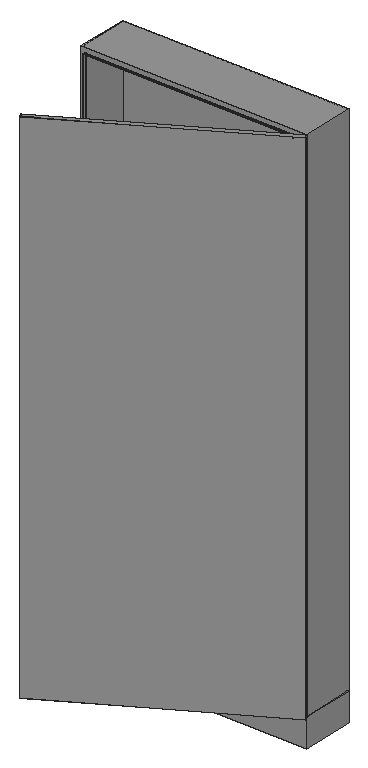
Revit family "Hager-Univers-IP44-D205-H1950-Cl.I-Encl-NoHosted-CH-en", category Equipement électrique, Revit 2020
Family settings
  Configuration du panneau = Deux colonnes, circuits au sein
  Cote de connecteur circulaire = Utiliser le diamètre
  Type d'élément = Tableau de raccordement
  Basée sur le plan de construction = Oui
  Toujours verticalement = Oui
  Couper avec des vides une fois chargée = Non
  Partagée = Non
  Point de calcul de pièce = Non
Parameters (values of type "Floor installation IP44 W800 H1950 D205  - FP23TN2")
  Width Control [instance] = if([EF000008 - Width] > Min Width, [EF000008 - Width], Min Width)  # 800 mm
  Commentaires du type = [HG000003 - Range]  # "Univers"
  Thickness Door [instance] = if([EF009171 - Material plate thickness door/cover] > 3 mm, 3 mm, [EF009171 - Material plate thickness door/cover])  # 1 mm
  Seal Frame Offset [instance] = 17 mm  # constant formula
  Plinth Visibility [instance] = [HG000027 - Plinth height] > 0 mm  # yes
  Min Width [instance] = 100 mm  # constant formula
  Min Depth [instance] = (2 * [EF009170 - Material plate thickness cabinet]) + 1 mm  # 3 mm
  Min Height [instance] = 100 mm  # constant formula
  Internal Frame Depth [instance] = (Door System Depth * 0.5)  # 9 mm
  Panel Name [instance] = ""  # (empty or 0)
  Model = ""
  HG000027 - Plinth height = 100 mm
  HG000026 - Floor standing = yes
  HG000024 - Bottom section height = 600 mm
  HG000023 - Double section enclosure = no
  HG000016 - Door 3d visibility [instance] = yes
  HG000015 - Clearance visibility [instance] = no
  HG000014 - Door on the right [instance] = yes
  HG000013 - Door on the left [instance] = not([HG000014 - Door on the right])  # no
  HG000012 - Door swing angle [instance] = 30.00°
  HG000010 - Asymmetric doors = no
  HG000009 - Double swing door = no
  HG000006 - Flush mounted = no
  HG000004 - Manufacturer reference = "FP23TN2"
  HG000003 - Range = "Univers"
  HG000002 - With door or cover = yes
  Frame Offset Bottom [instance] = 10 mm  # constant formula
  Frame Offset [instance] = 15 mm  # constant formula
  EF015940 - Cover with overpressure release = no
  EF011959 - Degree of protection (NEMA) = ""
  EF009554 - Number of openings for flange plates = 6
  EF009212 - Cover model = "EV000116 - Closed"
  EF009171 - Material plate thickness door/cover = 1 mm
  EF009170 - Material plate thickness cabinet = 1 mm
  EF008873 - Nominal current (In) = 400 A
  EF007800 - Suitable for lightning protection = no
  EF006306 - With lock = no
  EF006244 - Transparent cover/door = no
  EF005474 - Degree of protection (IP) = "EV006418 - IP44"
  EF004464 - Type of door = "EV002646 - Single"
  EF004427 - Number of modules = 432
  EF004293 - Impact strength = "EV006815 - IK09"
  EF003532 - Suitable for outdoor use = no
  EF002950 - Width in number of modular spacings = 36
  EF001613 - Circuit integrity = "EV000494 - None"
  EF001596 - Material housing = "EV000179 - Steel"
  EF001131 - Internal depth = 205 mm
  EF001088 - Extension possible = yes
  EF000437 - Number of conduit inlets = 6
  EF000339 - Type of cover = "EV001012 - Cover"
  EF000266 - Number of rows = 12
  EF000218 - Built-in depth = 0 mm
  EF000118 - With mounting plate = no
  EF000116 - RAL-number = "9010"
  EF000049 - Depth = 205 mm
  EF000040 - Height = 1950 mm
  EF000008 - Width = 800 mm
  EF000007 - Colour = "EV000202 - White"
  EF000003 - Mounting method = "EV012274 - Floor installation"
  Door System Leaf Tolerance [instance] = 1.5 mm  # constant formula
  Door System Depth [instance] = 18 mm  # constant formula
  Door Height [instance] = Height Control - [HG000027 - Plinth height]  # 1850 mm
  Description = ""
  Default Elevation = 1219.2 mm
  Connector Offset [instance] = Height Control / 2  # 975 mm
  Fabricant = "Hager"  # constant formula
  Height Control [instance] = if([EF000040 - Height] > Min Height, [EF000040 - Height], Min Height)  # 1950 mm
  Depth Control [instance] = if([EF000049 - Depth] > Min Depth, [EF000049 - Depth], Min Depth)  # 205 mm
  Bottom Top Plate Trim [instance] = 1.5 mm  # constant formula
  Plinth height Ctrl [instance] = if([HG000027 - Plinth height] > 0 mm, [HG000027 - Plinth height], 12 mm)  # 100 mm
Types (5, lengths in mm): name | Width Control | HG000010 - Asymmetric doors | HG000009 - Double swing door | HG000004 - Manufacturer reference | EF009554 - Number of openings for flange plates | EF008873 - Nominal current (In) | EF004464 - Type of door | EF004427 - Number of modules | EF002950 - Width in number of modular spacings | EF000437 - Number of conduit inlets | EF000008 - Width
  Floor installation IP44 W1050 H1950 D205  - FP24TN2 | 1050 | no | yes | "FP24TN2" | 8 | 400 A | "EV003602 - Double" | 576 | 48 | 8 | 1050
  Floor installation IP44 W1300 H1950 D205  - FP25TN2 | 1300 | yes | yes | "FP25TN2" | 10 | 400 A | "EV003602 - Double" | 720 | 60 | 10 | 1300
  Floor installation IP44 W300 H1950 D205  - FP21TN2 | 300 | no | no | "FP21TN2" | 2 | 250 A | "EV002646 - Single" | 144 | 12 | 2 | 300
  Floor installation IP44 W550 H1950 D205  - FP22TN2 | 550 | no | no | "FP22TN2" | 4 | 400 A | "EV002646 - Single" | 288 | 24 | 4 | 550
  Floor installation IP44 W800 H1950 D205  - FP23TN2 | 800 | no | no | "FP23TN2" | 6 | 400 A | "EV002646 - Single" | 432 | 36 | 6 | 800
Reference planes
  plane 1 "Center (Front/Back)": y = 0
  plane 2: z = 0
  plane 3 "Center (Left/Right)": x = 0
  plane 4: y = 0
  plane 5: y = 0
  plane 6: z = 0
  plane 7: x = -400
  plane 8: x = 400
  plane 9: x = 399
  plane 10: x = -399
  plane 11: z = 100
  plane 12: z = 101
  plane 13: y = -205
  plane 14: y = -1
  plane 15: x = 0
  plane 16: y = -187
  plane 17: y = -204
  plane 18: y = -186
  plane 19: x = -384
  plane 20: x = 384
  plane 21: z = 111
  plane 22: x = -383
  plane 23: x = 383
  plane 24: z = 100
  plane 25: z = 1950
  plane 26: z = 1950
  plane 27: z = 1934
  plane 28: z = 1949
Forms (mm)
  Extrusion 1, solid, material "Hager_Steel_RAL7035_Light_Grey", detail levels medium+fine
    sketch origin (-208.679, -4572, 100) x (-1, 0, 0) y (0, -1, 0)
      loop
        line (191.321, -4385) -> (-608.679, -4385) -> (-608.679, -4572) -> (191.321, -4572) -> (191.321, -4385)
    from 0 to 1850
  Extrusion 2, void
    sketch origin (-350.771, -205, 1219.2) x (1, 0, 0) y (0, 0, 1)
      loop
        line (-48.229, 729.8) -> (-48.229, -1118.2) -> (749.771, -1118.2) -> (749.771, 729.8) -> (-48.229, 729.8)
    from -19 to -204
  Extrusion 3, void
    sketch origin (-290.084, -187, 1219.2) x (1, 0, 0) y (0, 0, 1)
      loop
        line (-93.916, -1108.2) -> (674.084, -1108.2) -> (674.084, 714.8) -> (-93.916, 714.8) -> (-93.916, -1108.2)
    from 0 to -1
  Extrusion 4, solid, material "Hager_Steel_RAL7035_Light_Grey", visible <- "Plinth Visibility", detail levels medium+fine
    sketch origin (0, 0, 0) x (1, 0, 0) y (0, 1, 0)
      loop
        line (-400, 0) -> (-400, -187) -> (400, -187) -> (400, 0) -> (-400, 0)
    from 0 to 100 <- "Plinth height Ctrl"
  Extrusion 5, solid, material "Hager_Steel_RAL7035_Light_Grey", detail levels coarse
    sketch origin (0, 0, 0) x (1, 0, 0) y (0, 1, 0)
      loop
        line (-400, 0) -> (-400, -205) -> (400, -205) -> (400, 0) -> (-400, 0)
    from 0 to 1950 <- "Height Control"
  Sweep 6, void
    path in 3D
      loop
        line (-400, -187, 100) -> (400, -187, 100) -> (400, 0, 100) -> (-400, 0, 100) -> (-400, -187, 100)
    profile origin (-400, -93.5, 100) x (1, 0, 0) y (0, 0, 1)
      loop
        line (0, 0) -> (0, -1.5) -> (1.5, -1.5)
        arc (1.5, -1.5) -> (1.061, -0.439) -> (0, 0) r 1.5
  Extrusion 7, solid, material "Hager_Steel_RAL7035_Light_Grey", detail levels fine
    sketch origin (-400, -187, 100) x (1, 0, 0) y (0, 0, 1)
      loop
        line (16, 11) -> (784, 11) -> (784, 1834) -> (16, 1834) -> (16, 11)
      loop
        line (15, 10) -> (785, 10) -> (785, 1835) -> (15, 1835) -> (15, 10)
    from 0 to 9 <- "Internal Frame Depth"
Cuts and joins
  Extrusion 2, Extrusion 3 cuts Extrusion 1
  Sweep 6 cuts Extrusion 4
Lines and regions (mm)
  Masking region 1
    outline origin (0, 0, 0) x (1, 0, 0) y (0, 1, 0)
      loop
        line (-400, 0) -> (-400, -205) -> (400, -205) -> (400, 0) -> (-400, 0)
  Masking region 2, detail levels coarse
    outline origin (-290.084, -187, 1219.2) x (-1, 0, 0) y (0, 0, 1)
      loop
        line (-690.084, -1219.2) -> (109.916, -1219.2) -> (109.916, 730.8) -> (-690.084, 730.8) -> (-690.084, -1219.2)
  Masking region 3, detail levels coarse
    outline origin (0, 0, 0) x (0, 1, 0) y (0, 0, 1)
      loop
        line (0, 0) -> (0, 1950) -> (-205, 1950) -> (-205, 0) -> (0, 0)
  Masking region 4, visible <- "Plinth Visibility", detail levels medium+fine
    outline origin (0, 0, 0) x (0, 1, 0) y (0, 0, 1)
      loop
        line (-1.5, 100) -> (-185.5, 100)
        arc (-185.5, 100) -> (-185.939, 98.939) -> (-187, 98.5) r 1.5
        line (-187, 98.5) -> (-187, 0) -> (0, 0) -> (0, 98.5)
        arc (0, 98.5) -> (-1.061, 98.939) -> (-1.5, 100) r 1.5
  Masking region 5, detail levels medium+fine
    outline origin (0, 0, 594.038) x (0, 1, 0) y (0, 0, 1)
      loop
        line (0, -494.038) -> (0, 1355.962) -> (-187, 1355.962) -> (-187, -494.038) -> (0, -494.038)
  Masking region 6, detail levels medium+fine
    outline origin (-359.7, -187, 1211.883) x (-1, 0, 0) y (0, 0, 1)
      loop
        line (-759.7, -1111.883) -> (40.3, -1111.883) -> (40.3, 738.117) -> (-759.7, 738.117) -> (-759.7, -1111.883)
  Masking region 7, visible <- "Plinth Visibility", detail levels medium+fine
    outline origin (-320.334, -187, 1041.368) x (-1, 0, 0) y (0, 0, 1)
      loop
        line (-720.334, -1041.368) -> (79.666, -1041.368) -> (79.666, -942.868)
        arc (79.666, -942.868) -> (78.606, -942.429) -> (78.166, -941.368) r 1.5
        line (78.166, -941.368) -> (-718.834, -941.368)
        arc (-718.834, -941.368) -> (-719.273, -942.429) -> (-720.334, -942.868) r 1.5
        line (-720.334, -942.868) -> (-720.334, -1041.368)
  sketch lines
    curve 1: line (-400, 0, 100) -> (-400, -187, 100)
    curve 2: line (-400, -187, 100) -> (400, -187, 100)
    curve 3: line (400, 0, 100) -> (-400, 0, 100)
    curve 4: line (400, -187, 100) -> (400, 0, 100)
Dimensions and locks
  locked: plane 1 "Center (Front/Back)" to plane 5
  "EF009170 - Material plate thickness cabinet": plane 7 to plane 10
  "EF009170 - Material plate thickness cabinet": plane 8 to plane 9
  equal spacing: plane 7, plane 3 "Center (Left/Right)", plane 8
  "Width Control": plane 7 to plane 8
  "Depth Control": plane 4 to plane 13
  "EF009170 - Material plate thickness cabinet": plane 4 to plane 14
  "Height Control": plane 25 to level
  "HG000027 - Plinth height": plane 11 to level
  "EF009170 - Material plate thickness cabinet": plane 12 to plane 11
  "EF009170 - Material plate thickness cabinet": plane 17 to plane 13
  "EF009170 - Material plate thickness cabinet": plane 18 to plane 16
  "Frame Offset Bottom": plane 21 to plane 12
  "Frame Offset": plane 10 to plane 19
  "Frame Offset": plane 9 to plane 20
  "Door System Depth": plane 16 to plane 13
  "Seal Frame Offset": plane 7 to plane 22
  "Seal Frame Offset": plane 8 to plane 23
  "EF009170 - Material plate thickness cabinet": plane 26 to plane 28
  "Frame Offset": plane 28 to plane 27
  "Connector Offset": plane 2 to connector elem
  "Bottom Top Plate Trim": profile plane to Sweep 6 sketch curve
  "Bottom Top Plate Trim": Sweep 6 sketch curve to Sweep 6 sketch curve
  "Plinth height Ctrl": Masking region 4 sketch curve to level
  "Plinth height Ctrl": Masking region 7 sketch curve to level
  "Thickness Door": Extrusion 7 sketch curve to Extrusion 7 sketch curve  (x4)
  "Bottom Top Plate Trim": radius of Sweep 6 sketch curve
  "Bottom Top Plate Trim": radius of Masking region 4 sketch curve  (x2)
  "Bottom Top Plate Trim": radius of Masking region 7 sketch curve  (x2)
  aligned and locked: Extrusion 2 sketch curve to plane 12
  aligned and locked: Extrusion 2 sketch curve to plane 9
  aligned and locked: Extrusion 2 sketch curve to plane 10
  aligned and locked: Extrusion 2 to plane 14
  aligned and locked: Extrusion 1 sketch curve to plane 4
  aligned and locked: plane 8 to Extrusion 1 sketch curve
  aligned and locked: plane 7 to Extrusion 1 sketch curve
  aligned and locked: Extrusion 2 to plane 18
  aligned and locked: Extrusion 3 sketch curve to plane 19
  aligned and locked: plane 20 to Extrusion 3 sketch curve
  aligned and locked: Extrusion 3 to Extrusion 2
  aligned and locked: Extrusion 3 sketch curve to plane 21
  aligned and locked: plane 3 "Center (Left/Right)" to nested 1
  aligned and locked: Extrusion 1 sketch curve to plane 16
  aligned and locked: Extrusion 4 sketch curve to cut or joined group of Extrusion 1, Extrusion 2, Extrusion 3
  aligned and locked: Masking region 1 sketch curve to plane 7
  aligned and locked: Masking region 1 sketch curve to plane 5
  aligned and locked: Masking region 1 sketch curve to plane 8
  aligned and locked: Masking region 2 sketch curve to level
  aligned and locked: level to Masking region 3 sketch curve
  aligned and locked: plane 1 "Center (Front/Back)" to Masking region 3 sketch curve
  aligned and locked: plane 13 to Masking region 3 sketch curve
  aligned and locked: plane 5 to Masking region 4 sketch curve
  aligned and locked: Masking region 2 sketch curve to plane 8
  aligned and locked: Masking region 2 sketch curve to plane 7
  aligned and locked: plane 7 to nested 2
  aligned and locked: nested 2 to plane 5
  aligned and locked: plane 5 to Masking region 5 sketch curve
  aligned and locked: plane 26 to Masking region 5 sketch curve
  aligned and locked: Extrusion 5 sketch curve to plane 8
  aligned and locked: Extrusion 5 sketch curve to plane 7
  aligned and locked: Extrusion 5 sketch curve to plane 5
  aligned and locked: Extrusion 3 sketch curve to plane 27
  aligned and locked: Extrusion 2 sketch curve to plane 28
  aligned and locked: Masking region 2 to plane 25
  aligned and locked: Extrusion 4 to plane 16
  aligned and locked: profile plane to Sweep 6 sketch curve
  aligned and locked: Masking region 5 sketch curve to plane 24
  aligned and locked: level to Masking region 4 sketch curve
  aligned and locked: Masking region 1 to plane 13
  aligned and locked: nested 1 to plane 16
  aligned and locked: Masking region 3 to plane 25
  aligned and locked: plane 16 to Masking region 4 sketch curve
  aligned and locked: Masking region 5 sketch curve to plane 16
  aligned and locked: plane 24 to plane 11
  aligned and locked: plane 26 to plane 25
  aligned and locked: plane 26 to cut or joined group of Extrusion 1, Extrusion 2, Extrusion 3
  aligned and locked: nested 1 to plane 24
  aligned and locked: Extrusion 1 to Extrusion 3
  aligned and locked: Masking region 6 sketch curve to plane 8
  aligned and locked: Masking region 6 sketch curve to plane 24
  aligned and locked: Masking region 6 sketch curve to plane 7
  aligned and locked: Masking region 6 sketch curve to plane 26
  aligned and locked: Masking region 7 sketch curve to plane 7
  aligned and locked: level to Masking region 7 sketch curve
  aligned and locked: Masking region 7 sketch curve to plane 8
  aligned and locked: Extrusion 7 sketch curve to cut or joined group of Extrusion 1, Extrusion 2, Extrusion 3  (x4)
Automatic sketch dimensions
  plane 19 to Extrusion 3 sketch curve = 0 mm
  Extrusion 3 sketch curve to plane 20 = 0 mm
  Extrusion 3 sketch curve to plane 21 = 0 mm
  Extrusion 4 sketch curve to plane 7 = 0 mm
  Extrusion 4 sketch curve to plane 8 = 0 mm
  Extrusion 4 sketch curve to plane 16 = 0 mm
  Masking region 1 sketch curve to plane 13 = 0 mm
  Masking region 2 sketch curve to plane 25 = 0 mm
  Masking region 3 sketch curve to plane 25 = 0 mm
  Extrusion 5 sketch curve to plane 13 = 0 mm
  profile plane to Sweep 6 sketch curve = 0 mm
Nested families
  nested 1: "EC000058_Univers_Door" at (0, -187, 100), Double <- "HG000009 - Double swing door", Transparent <- "EF006244 - Transparent cover/door", Angle <- "HG000012 - Door swing angle", Door_Right <- "HG000014 - Door on the right", Assymetrical <- "HG000010 - Asymmetric doors", Door <- "HG000002 - With door or cover", Width_Ctrl <- "Width Control", 3d_Door <- "HG000016 - Door 3d visibility", Clearance <- "HG000015 - Clearance visibility", Door_Left <- "HG000013 - Door on the left", Width <- "Width Control", Door_Depth <- "Door System Depth", Leaf_Tolerance <- "Door System Leaf Tolerance", Height <- "Door Height", Lock_Visibility <- "EF006306 - With lock", Thickness <- "Thickness Door", type "EC000058_Univers_Door", detail levels medium+fine
    with min_wh 3 mm, Width_Ctrl 800 mm, Width 800 mm, Transparent no, Thickness 1 mm, Seal_Material Hager_Rubber, Lock_Visibility no, Lock_Material Hager_Plastic_RAL9005_Jet_Black, Leaf_Width 800 mm, Leaf_Tolerance_External_Sides 0 mm, Leaf_Tolerance 1.5 mm, Leaf_Offset 0 mm, Leaf_Height 1847 mm, Leaf_2_Width 800 mm, Leaf_2_Offset 400 mm, Leaf_1_Width 800 mm, Leaf_1_Offset 400 mm, Height_Ctrl 1850 mm, Height 1850 mm, Glass_Material Hager_Glass, Double_Clearance_Ctrl no, Double no, Door_Right_Ctrl yes, Door_Right yes, Door_Material Hager_Steel_RAL7035_Light_Grey, Door_Left_Ctrl no, Door_Left no, Door_Depth 18 mm, Door yes, Clearance_Material Hager_Clearance, Clearance_Depth 800 mm, Clearance_Ctrl no, Clearance no, Assymetrical no, Angle 30.00°, 3d_Door yes
  nested 2: "Hager_Enclosure_Symbol" at (-400, 0, 0), Height <- "Depth Control", Width <- "Width Control", type "Hager_Enclosure_Symbol"
    with Width_Ctrl 800 mm, Width 800 mm, Height_Ctrl 205 mm, Height 205 mm, A_Width_Int 13.453 mm, A_Width 161.438 mm, A_Height_Ctrl 179.375 mm, A_Height 179.375 mm
Connectors
  electrical at (0, 0, 975)
    settings: on plane 1 "Center (Front/Back)", index 1, voltage 0 V, apparent load 0 VA, apparent load phase1 0 VA, apparent load phase2 0 VA, apparent load phase3 0 VA, power factor 1, load classification "Other", number of poles 1, system type 30, power factor state 1, is connector primary yes, connector utility no, sub classification motor no, connector description ""
Definition of nested family "EC000058_Univers_Door"
  Parameters (values of type "EC000058_Univers_Door")
    min_wh [instance] = (2 * Thickness) + 1 mm  # 11 mm
    Width_Ctrl [instance] = 400 mm
    Width [instance] = 500 mm
    Transparent [instance] = yes
    Thickness [instance] = 5 mm
    Seal_Material [instance] = none
    Lock_Visibility [instance] = yes
    Lock_Material [instance] = none
    Leaf_Width [instance] = if((Width_Ctrl - 2 * Leaf_Tolerance_External_Sides) > 0 mm, (Width_Ctrl - 2 * Leaf_Tolerance_External_Sides), min_wh)  # 400 mm
    Leaf_Tolerance_External_Sides [instance] = 0 mm  # constant formula
    Leaf_Tolerance [instance] = 1.5 mm
    Leaf_Offset [instance] = 0 mm  # constant formula
    Leaf_Height [instance] = if((Height_Ctrl - 2 * Leaf_Tolerance) > 0 mm, (Height_Ctrl - 2 * Leaf_Tolerance), min_wh)  # 497 mm
    Leaf_2_Width [instance] = if(and(and(Double, Assymetrical), Door_Left), (Leaf_Width / 3) - (Leaf_Tolerance / 2), if(and(and(Double, Assymetrical), Door_Right), (Leaf_Width / 3) * 2 - (Leaf_Tolerance / 2), if(and(Double, not(Assymetrical)), (Leaf_Width / 2) - Leaf_Tolerance, Leaf_Width)))  # 400 mm
    Leaf_2_Offset [instance] = if(and(Double, Assymetrical), Leaf_2_Width / 2, if(and(Double, not(Assymetrical)), Leaf_Width / 4, Leaf_Width / 2))  # 200 mm
    Leaf_1_Width [instance] = if(and(and(Double, Assymetrical), Door_Right), (Leaf_Width / 3) - (Leaf_Tolerance / 2), if(and(and(Double, Assymetrical), Door_Left), (Width / 3) * 2 - (Leaf_Tolerance / 2), if(and(Double, not(Assymetrical)), (Leaf_Width / 2) - Leaf_Tolerance, Leaf_Width)))  # 400 mm
    Leaf_1_Offset [instance] = if(and(Double, Assymetrical), Leaf_1_Width / 2, if(and(Double, not(Assymetrical)), Leaf_Width / 4, Leaf_Width / 2))  # 200 mm
    Height_Ctrl [instance] = if(Height > min_wh, Height, min_wh)  # 500 mm
    Height [instance] = 500 mm
    Glass_Material [instance] = none
    Double_Clearance_Ctrl [instance] = and(Double, Clearance)  # no
    Double [instance] = no
    Door_Right_Ctrl [instance] = and(or(Door_Right, Double), Door)  # yes
    Door_Right [instance] = yes
    Door_Material [instance] = none
    Door_Left_Ctrl [instance] = and(or(Door_Left, Double), Door)  # no
    Door_Left [instance] = no
    Door_Depth [instance] = 30 mm
    Door [instance] = yes
    Default Elevation = 1219.2 mm
    Clearance_Material [instance] = none
    Clearance_Depth [instance] = if(Leaf_1_Width > Leaf_2_Width, Leaf_1_Width, Leaf_2_Width)  # 400 mm
    Clearance_Ctrl [instance] = and(not(Double), Clearance)  # yes
    Clearance [instance] = yes
    Assymetrical [instance] = yes
    Angle [instance] = 30.00°
    3d_Door [instance] = yes
  Reference planes
    plane 1 "Center (Front/Back)": y = 0
    plane 2 "Bottom": z = 0
    plane 3 "Center (Left/Right)": x = 0
    plane 4: z = 500
    plane 5: x = -200
    plane 6: x = 200
    plane 7: z = 500
    plane 8: x = -200
    plane 9: z = 0
    plane 10: x = 200
    plane 11: y = 0
    plane 12: z = 1.5
    plane 13: x = -600
    plane 14: y = -400
    plane 15: x = 600
    plane 16: x = 0
    plane 17: x = 0
    plane 18: x = -200
    plane 19: x = 200
    plane 20: z = 498.5
  Forms (mm)
    Extrusion 1, solid, material <- "Clearance_Material", visible <- "Double_Clearance_Ctrl"
      sketch origin (1200, 0, 0) x (1, 0, 0) y (0, 0, -1)
        loop
          line (-1800, -498.5) -> (-600, -498.5) -> (-600, 0) -> (-1800, 0) -> (-1800, -498.5)
      from 0 to -400
  Dimensions and locks
    equal spacing: plane 5, plane 3 "Center (Left/Right)", plane 6
    "Width_Ctrl": plane 5 to plane 6
    "Leaf_Offset": plane 5 to plane 8
    "Leaf_Offset": plane 6 to plane 10
    "Leaf_Offset": plane 9 to level
    "Leaf_Offset": plane 4 to plane 7
    "Height_Ctrl": plane 4 to level
    "Leaf_Tolerance": plane 12 to plane 9
    locked: plane 11 to plane 1 "Center (Front/Back)"
    "Leaf_1_Offset": plane 18 to plane 16
    "Leaf_2_Offset": plane 17 to plane 19
    "Leaf_1_Width": plane 13 to plane 8
    "Leaf_2_Width": plane 10 to plane 15
    "Clearance_Depth": plane 14 to plane 1 "Center (Front/Back)"
    "Leaf_Tolerance_External_Sides": plane 8 to plane 18
    "Leaf_Tolerance_External_Sides": plane 19 to plane 10
    "Leaf_Tolerance": plane 7 to plane 20
    aligned and locked: level to plane 2 "Bottom"
    aligned and locked: nested 1 to plane 16
    aligned and locked: nested 2 to plane 17
    aligned and locked: Extrusion 1 to plane 13
    aligned and locked: plane 15 to Extrusion 1
    aligned and locked: Extrusion 1 to plane 14
    aligned and locked: plane 12 to nested 1
    aligned and locked: nested 2 to plane 12
    aligned and locked: Extrusion 1 to plane 11
    aligned and locked: plane 20 to Extrusion 1
    aligned and locked: nested 2 to plane 11
    aligned and locked: nested 1 to plane 11
  Automatic sketch dimensions
    Extrusion 1 sketch curve to level = 0 mm
    plane 5 to Extrusion 1 sketch curve = 400 mm
    plane 6 to Extrusion 1 sketch curve = 400 mm
    Extrusion 1 sketch curve to plane 4 = 1.5 mm
  Nested families
    nested 1: "EC000058_Univers_Door_Leaf" at (0, 0, 1.5), Width <- "Leaf_1_Width", visible <- "Door_Left_Ctrl", Leaf_Height <- "Leaf_Height", Angle <- "Angle", 3d_Door <- "3d_Door", Transparent <- "Transparent", Clearance Material <- "Clearance_Material", Clearance <- "Clearance_Ctrl", Door_Material <- "Door_Material", Glass_Material <- "Glass_Material", Door_Depth <- "Door_Depth", Lock_Material <- "Lock_Material", Seal_Material <- "Seal_Material", Lock_Visibility <- "Lock_Visibility", Thickness <- "Thickness", type "EC000058_Univers_Door_Leaf"
      with Width 400 mm, Transparent_Glass_Offset 30 mm, Transparent_Ctrl yes, Transparent yes, Thickness 5 mm, Standard no, Seal_Material none, Seal_D2 8 mm, Seal_D1 1 mm, Offset_Internal_Frame 10 mm, Lock_Width 20 mm, Lock_Visibility_3d yes, Lock_Visibility yes, Lock_Thickness_3 3 mm, Lock_Thickness_2 1 mm, Lock_Thickness_1 3 mm, Lock_Radius_Offset_2 16 mm, Lock_Radius_Offset_1 15 mm, Lock_Radius_2 5 mm, Lock_Radius 6 mm, Lock_Offset 5 mm, Lock_Material none, Lock_Height 80 mm, Lock_Cover_Top_Offset_2d 17 mm, Lock_Cover_Height -65 mm, Leaf_Height 497 mm, Internal_Seal_Thickness 8 mm, Internal_Seal_Depth_2 4.5 mm, Internal_Frame_Depth 25 mm, Glass_Thickness -1 mm, Glass_Offset -2 mm, Glass_Material none, Door_Material none, Door_Depth 30 mm, Clearance Material none, Clearance yes, Angle_Ctrl 30.00°, Angle 30.00°, 3d_Door yes
    nested 2: "EC000058_Univers_Door_Leaf" at (0, 0, 1.5) x (-1, 0, 0) z (0, 0, 1), Width <- "Leaf_2_Width", visible <- "Door_Right_Ctrl", Leaf_Height <- "Leaf_Height", Angle <- "Angle", 3d_Door <- "3d_Door", Transparent <- "Transparent", Clearance Material <- "Clearance_Material", Clearance <- "Clearance_Ctrl", Door_Material <- "Door_Material", Glass_Material <- "Glass_Material", Door_Depth <- "Door_Depth", Lock_Material <- "Lock_Material", Seal_Material <- "Seal_Material", Lock_Visibility <- "Lock_Visibility", Thickness <- "Thickness", type "EC000058_Univers_Door_Leaf"
      with Width 400 mm, Transparent_Glass_Offset 30 mm, Transparent_Ctrl yes, Transparent yes, Thickness 5 mm, Standard no, Seal_Material none, Seal_D2 8 mm, Seal_D1 1 mm, Offset_Internal_Frame 10 mm, Lock_Width 20 mm, Lock_Visibility_3d yes, Lock_Visibility yes, Lock_Thickness_3 3 mm, Lock_Thickness_2 1 mm, Lock_Thickness_1 3 mm, Lock_Radius_Offset_2 16 mm, Lock_Radius_Offset_1 15 mm, Lock_Radius_2 5 mm, Lock_Radius 6 mm, Lock_Offset 5 mm, Lock_Material none, Lock_Height 80 mm, Lock_Cover_Top_Offset_2d 17 mm, Lock_Cover_Height -65 mm, Leaf_Height 497 mm, Internal_Seal_Thickness 8 mm, Internal_Seal_Depth_2 4.5 mm, Internal_Frame_Depth 25 mm, Glass_Thickness -1 mm, Glass_Offset -2 mm, Glass_Material none, Door_Material none, Door_Depth 30 mm, Clearance Material none, Clearance yes, Angle_Ctrl 30.00°, Angle 30.00°, 3d_Door yes
  Definition of nested family "EC000058_Univers_Door_Leaf"
    Parameters (values of type "EC000058_Univers_Door_Leaf")
      Width [instance] = 2000 mm
      Transparent_Glass_Offset [instance] = 30 mm
      Transparent_Ctrl [instance] = and(Transparent, [3d_Door])  # yes
      Transparent [instance] = yes
      Thickness [instance] = 5 mm
      Standard [instance] = and(not(Transparent), [3d_Door])  # no
      Seal_Material [instance] = none
      Seal_D2 [instance] = 8 mm  # constant formula
      Seal_D1 [instance] = 1 mm  # constant formula
      Offset_Internal_Frame [instance] = 10 mm  # constant formula
      Lock_Width [instance] = 20 mm  # constant formula
      Lock_Visibility_3d [instance] = and(Lock_Visibility, [3d_Door])  # yes
      Lock_Visibility [instance] = yes
      Lock_Thickness_3 [instance] = 3 mm  # constant formula
      Lock_Thickness_2 [instance] = 1 mm  # constant formula
      Lock_Thickness_1 [instance] = 3 mm  # constant formula
      Lock_Radius_Offset_2 [instance] = Lock_Radius_Offset_1 + 1 mm  # 16 mm
      Lock_Radius_Offset_1 [instance] = 15 mm  # constant formula
      Lock_Radius_2 [instance] = Lock_Radius - 1 mm  # 5 mm
      Lock_Radius [instance] = 6 mm  # constant formula
      Lock_Offset [instance] = 5 mm  # constant formula
      Lock_Material [instance] = none
      Lock_Height [instance] = 80 mm  # constant formula
      Lock_Cover_Top_Offset_2d [instance] = Lock_Radius_Offset_2 + 1 mm  # 17 mm
      Lock_Cover_Height [instance] = -(Lock_Height - Lock_Radius_Offset_1)  # -65 mm
      Leaf_Height [instance] = 2720.336 mm
      Internal_Seal_Thickness [instance] = 8 mm  # constant formula
      Internal_Seal_Depth_2 [instance] = 4.5 mm  # constant formula
      Internal_Frame_Depth [instance] = if(Door_Depth - Thickness > 5 mm, Door_Depth - Thickness, 5 mm)  # 25 mm
      Glass_Thickness [instance] = if(Thickness > 15 mm, Glass_Offset + 10 mm, -1 mm)  # -1 mm
      Glass_Offset [instance] = if(Thickness > 15 mm, -(Thickness + 10 mm) / 2, -2 mm)  # -2 mm
      Glass_Material [instance] = none
      Door_Material [instance] = none
      Door_Depth [instance] = 30 mm
      Default Elevation = 0 mm
      Clearance Material [instance] = none
      Clearance [instance] = yes
      Angle_Ctrl [instance] = if(Angle > 180.00°, 180.00°, Angle)  # 90.00°
      Angle [instance] = 90.00°
      3d_Door [instance] = yes
    Reference planes
      plane 1 "Center (Front/Back)": y = 0
      plane 2: z = 0
      plane 3 "Center (Left/Right)": x = 0
      plane 4: y = 2000
      plane 5: x = -1000
      plane 6: x = 1000
      plane 7: x = -3000
      plane 8: z = 2720.336
      plane 9: z = 30
      plane 10: z = 2690.336
      plane 11: x = 970
      plane 12: x = -970
      plane 13: y = -3
      plane 14: z = 107.833
      plane 15: y = -5
      plane 16: y = -223.314
      plane 17: x = -1000
      plane 18: z = 1360.168
      plane 19: y = 30
    Forms (mm)
      Extrusion 1, solid, material <- "Clearance Material", visible <- "Clearance"
        sketch origin (0, 0, 0) x (1, 0, 0) y (0, 0, 1)
          loop
            line (-3000, 2720.336) -> (-3000, 0) -> (1000, 0) -> (1000, 2720.336) -> (-3000, 2720.336)
        from 0 to -2000
      Extrusion 2, solid, material <- "Door_Material", visible <- "Standard", detail levels medium+fine
        sketch origin (-1000, 0, 0) x (0, 1, 0) y (-1, 0, 0)
          loop
            line (0, 30) -> (0, 25) -> (2000, 25) -> (2000, 30) -> (0, 30)
        from 0 to 2720.336 <- "Leaf_Height"
      Extrusion 3, solid, material <- "Door_Material", visible <- "Transparent_Ctrl", detail levels medium+fine
        sketch origin (-1000, 0, 0) x (0, 1, 0) y (-1, 0, 0)
          loop
            line (0, 25) -> (2000, 25) -> (2000, 30) -> (0, 30) -> (0, 25)
        from 0 to 2720.336 <- "Leaf_Height"
      Extrusion 4, void
        sketch origin (-1025, 2000, 0) x (0, 1, 0) y (0, 0, -1)
          loop
            line (-30, -2690.336) -> (-30, -30) -> (-1970, -30) -> (-1970, -2690.336) -> (-30, -2690.336)
        from 0 to 5 <- "Thickness"
      Sweep 5, solid, material <- "Seal_Material", visible <- "Transparent_Ctrl", detail levels fine
        path in 3D
          loop
            line (-1025, 30, 30) -> (-1025, 30, 2690.336) -> (-1025, 1970, 2690.336) -> (-1025, 1970, 30) -> (-1025, 30, 30)
        profile origin (-1025, 1000, 30) x (1, 0, 0) y (0, 0, 1)
          loop
            line (0, 0) -> (0, -8) -> (1, -8) -> (1, 0) -> (0, 0)
      Extrusion 6, solid, material <- "Glass_Material", visible <- "Transparent_Ctrl", detail levels medium+fine
        sketch origin (-1030, 0, 0) x (0, 1, 0) y (0, 0, -1)
          loop
            line (1970, -2690.336) -> (1970, -30) -> (30, -30) -> (30, -2690.336) -> (1970, -2690.336)
        from -2 <- "Glass_Offset" to -1 <- "Glass_Thickness"
      Extrusion 7, solid, material <- "Door_Material", visible <- "3d_Door", detail levels medium+fine
        sketch origin (-1025, 2000, 0) x (0, -1, 0) y (0, 0, -1)
          loop
            line (0, -2720.336) -> (2000, -2720.336) -> (2000, 0) -> (0, 0) -> (0, -2720.336)
          loop
            line (1995, -5) -> (5, -5) -> (5, -2715.336) -> (1995, -2715.336) -> (1995, -5)
        from 0 to 25 <- "Internal_Frame_Depth"
      Sweep 8, solid, material <- "Seal_Material", visible <- "Transparent_Ctrl", detail levels fine
        path in 3D
          loop
            line (-1025, 0, 0) -> (-1025, 2000, 0) -> (-1025, 2000, 2720.336) -> (-1025, 0, 2720.336) -> (-1025, 0, 0)
        profile origin (-1025, 0, 1360.168) x (1, 0, 0) y (0, 1, 0)
          loop
            line (0, 10) -> (2.975, 10)
            arc (2.975, 10) -> (4.053, 10.447) -> (4.5, 11.525) r 1.525
            line (4.5, 11.525) -> (4.5, 16.527)
            arc (4.5, 16.527) -> (4.069, 17.569) -> (3.027, 18) r 1.473
            line (3.027, 18) -> (0, 18) -> (0, 10)
      Extrusion 9, solid, material <- "Lock_Material", visible <- "Lock_Visibility_3d", detail levels fine
        sketch origin (-1030, 0, 0) x (0, 1, 0) y (0, 0, -1)
          loop
            arc (1993.5, -1400.168) -> (1994.561, -1399.729) -> (1995, -1398.668) r 1.5
            line (1995, -1398.668) -> (1995, -1320.168) -> (1975, -1320.168) -> (1975, -1398.668)
            arc (1975, -1398.668) -> (1975.439, -1399.729) -> (1976.5, -1400.168) r 1.5
            line (1976.5, -1400.168) -> (1993.5, -1400.168)
        from 3 <- "Lock_Thickness_1" to 0
      Blend 10, solid, material <- "Lock_Material", visible <- "Lock_Visibility_3d", detail levels fine
        base sketch origin (-1033, 0, 0) x (0, 1, 0) y (0, 0, -1)
          loop
            line (1975, -1320.168) -> (1975, -1398.668)
            arc (1975, -1398.668) -> (1975.439, -1399.729) -> (1976.5, -1400.168) r 1.5
            line (1976.5, -1400.168) -> (1993.5, -1400.168)
            arc (1993.5, -1400.168) -> (1994.561, -1399.729) -> (1995, -1398.668) r 1.5
            line (1995, -1398.668) -> (1995, -1320.168) -> (1975, -1320.168)
        top sketch origin (-1033, 0, 0) x (0, 1, 0) y (0, 0, -1)
          loop
            line (1976, -1320.168) -> (1976, -1398.668)
            arc (1976, -1398.668) -> (1976.146, -1399.022) -> (1976.5, -1399.168) r 0.5
            line (1976.5, -1399.168) -> (1993.5, -1399.168)
            arc (1993.5, -1399.168) -> (1993.854, -1399.022) -> (1994, -1398.668) r 0.5
            line (1994, -1398.668) -> (1994, -1320.168) -> (1976, -1320.168)
        from 0 to 1 <- "Lock_Thickness_2"
      Blend 11, solid, material <- "Lock_Material", visible <- "Lock_Visibility_3d", detail levels fine
        base sketch origin (-1034, 0, 0) x (0, 1, 0) y (0, 0, -1)
          loop
            line (1978, -1320.168) -> (1978, -1384.168)
            arc (1978, -1384.168) -> (1985, -1391.168) -> (1992, -1384.168) r 7
            line (1992, -1384.168) -> (1992, -1320.168) -> (1978, -1320.168)
        top sketch origin (-1034, 0, 0) x (0, 1, 0) y (0, 0, -1)
          loop
            line (1991, -1320.168) -> (1979, -1320.168) -> (1979, -1383.168)
            arc (1979, -1383.168) -> (1985, -1389.168) -> (1991, -1383.168) r 6
            line (1991, -1383.168) -> (1991, -1320.168)
        from 0 to 3 <- "Lock_Thickness_3"
      Extrusion 12, solid, material <- "Lock_Material", visible <- "Lock_Visibility_3d", detail levels fine
        sketch origin (-1030, 1975, 1320.168) x (1, 0, 0) y (0, -1, 0)
          loop
            line (-7, -19) -> (-7, -1) -> (0, -1) -> (0, 0) -> (-8, 0) -> (-8, -20) -> (0, -20) -> (0, -19) -> (-7, -19)
        from 0 to -65 <- "Lock_Cover_Height"
      Extrusion 13, void
        sketch origin (-1038, 1995, 1320.168) x (-1, 0, 0) y (0, 0, -1)
          loop
            line (-5, -65) -> (0, -65) -> (-5, -60) -> (-5, -65)
        from 0 to 20 <- "Lock_Width"
      Extrusion 14, void
        sketch origin (-1038, 1975, 1320.168) x (0, -1, 0) y (0, 0, -1)
          loop
            circle (-10, -15.995) r 6
          loop
            circle (-10, -15.995) r 5
        from 0 to 2
      Extrusion 15, solid, material <- "Lock_Material", visible <- "Lock_Visibility_3d", detail levels medium
        sketch origin (-1030, 0, 0) x (0, 1, 0) y (0, 0, -1)
          loop
            arc (1993.5, -1400.168) -> (1994.561, -1399.729) -> (1995, -1398.668) r 1.5
            line (1995, -1398.668) -> (1995, -1320.168) -> (1975, -1320.168) -> (1975, -1398.668)
            arc (1975, -1398.668) -> (1975.439, -1399.729) -> (1976.5, -1400.168) r 1.5
            line (1976.5, -1400.168) -> (1993.5, -1400.168)
        from 8 to 0
    Cuts and joins
      Extrusion 4 cuts Extrusion 3
      Extrusion 13, Extrusion 14 cuts Extrusion 9
      Extrusion 14 cuts Blend 11
      Extrusion 13, Extrusion 14 cuts Extrusion 12
      joined: Extrusion 9, Blend 10, Blend 11, Extrusion 12
      Extrusion 14 cuts Extrusion 15
    Lines and regions (mm)
      Masking region 1, visible <- "Lock_Visibility", detail levels fine
        outline origin (0, 0, 0) x (0, 1, 0) y (0, 0, 1)
          loop
            line (30, 1320.168) -> (33, 1320.168) -> (33, 1400.168) -> (30, 1400.168) -> (30, 1320.168)
      Masking region 2, visible <- "Lock_Visibility", detail levels fine
        outline origin (0, 3.143, 0) x (0, 1, 0) y (0, 0, 1)
          loop
            line (29.857, 1354.168) -> (30.857, 1354.168) -> (30.857, 1366.168) -> (29.857, 1366.168) -> (29.857, 1354.168)
      Masking region 3, detail levels medium+fine
        outline origin (0, 0, 0) x (0, 1, 0) y (0, 0, 1)
          loop
            line (0, 0) -> (30, 0) -> (30, 2720.336) -> (0, 2720.336) -> (0, 0)
      Masking region 4, detail levels medium+fine
        outline origin (0, 0, 0) x (1, 0, 0) y (0, 0, 1)
          loop
            line (-1000, 2720.336) -> (-1000, 0) -> (1000, 0) -> (1000, 2720.336) -> (-1000, 2720.336)
      Masking region 5, visible <- "Lock_Visibility", detail levels fine
        outline origin (-47.116, 0, 0) x (1, 0, 0) y (0, 0, 1)
          loop
            arc (1024.616, 1399.168) -> (1023.556, 1398.729) -> (1023.116, 1397.668) r 1.5
            line (1023.116, 1397.668) -> (1023.116, 1320.168) -> (1041.116, 1320.168) -> (1041.116, 1397.668)
            arc (1041.116, 1397.668) -> (1040.677, 1398.729) -> (1039.616, 1399.168) r 1.5
            line (1039.616, 1399.168) -> (1024.616, 1399.168)
      Masking region 6, visible <- "Lock_Visibility", detail levels medium+fine
        outline origin (-25, 0, 0) x (1, 0, 0) y (0, 0, 1)
          loop
            arc (1001.5, 1400.168) -> (1000.439, 1399.729) -> (1000, 1398.668) r 1.5
            line (1000, 1398.668) -> (1000, 1320.168) -> (1020, 1320.168) -> (1020, 1398.668)
            arc (1020, 1398.668) -> (1019.561, 1399.729) -> (1018.5, 1400.168) r 1.5
            line (1018.5, 1400.168) -> (1001.5, 1400.168)
      Masking region 7, visible <- "Lock_Visibility", detail levels fine
        outline origin (-73.735, 0, 0) x (1, 0, 0) y (0, 0, 1)
          loop
            line (1051.735, 1382.168) -> (1065.735, 1382.168) -> (1065.735, 1384.168)
            arc (1065.735, 1384.168) -> (1058.735, 1391.168) -> (1051.735, 1384.168) r 7
            line (1051.735, 1384.168) -> (1051.735, 1382.168)
      Masking region 8, visible <- "Lock_Visibility", detail levels fine
        outline origin (-73.735, 0, 0) x (1, 0, 0) y (0, 0, 1)
          loop
            line (1052.735, 1382.168) -> (1064.735, 1382.168) -> (1064.735, 1383.168)
            arc (1064.735, 1383.168) -> (1058.735, 1389.168) -> (1052.735, 1383.168) r 6
            line (1052.735, 1383.168) -> (1052.735, 1382.168)
      Masking region 9, visible <- "Lock_Visibility", detail levels fine
        outline origin (-25, 0, 0) x (1, 0, 0) y (0, 0, 1)
          loop
            line (1020, 1320.168) -> (1020, 1382.168) -> (1000, 1382.168) -> (1000, 1320.168) -> (1020, 1320.168)
      Masking region 10, detail levels medium+fine
        outline origin (0, 0, 0) x (1, 0, 0) y (0, 0, 1)
          loop
            circle (985, 1335.144) r 6
      Masking region 11, detail levels fine
        outline origin (0, 0, 0) x (1, 0, 0) y (0, 0, 1)
          loop
            circle (985, 1335.144) r 5
      Masking region 12, visible <- "Lock_Visibility", detail levels fine
        outline origin (0, 12.767, 0) x (0, 1, 0) y (0, 0, 1)
          loop
            line (20.233, 1320.168) -> (21.233, 1320.168) -> (21.233, 1399.168) -> (20.233, 1400.168) -> (20.233, 1320.168)
      Masking region 13, visible <- "Lock_Visibility", detail levels fine
        outline origin (0, 13.767, -10) x (0, 1, 0) y (0, 0, 1)
          loop
            line (20.233, 1330.168) -> (23.233, 1330.168) -> (23.233, 1399.168) -> (20.233, 1402.168) -> (20.233, 1330.168)
      Masking region 14, visible <- "Lock_Visibility", detail levels fine
        outline origin (0, 12.767, -10) x (0, 1, 0) y (0, 0, 1)
          loop
            line (20.233, 1330.168) -> (25.233, 1330.168) -> (25.233, 1399.305) -> (20.233, 1394.305) -> (20.233, 1330.168)
      Masking region 15, visible <- "Lock_Visibility", detail levels medium
        outline origin (0, 0, 0) x (0, 1, 0) y (0, 0, 1)
          loop
            line (30, 1320.168) -> (38, 1320.168) -> (38, 1400.168) -> (30, 1400.168) -> (30, 1320.168)
      Masking region 16, visible <- "Lock_Visibility", detail levels fine
        outline origin (-1000, 0, 0) x (0, 1, 0) y (-1, 0, 0)
          loop
            line (1975, 30) -> (1995, 30) -> (1995, 38) -> (1975, 38) -> (1975, 30)
          loop
            line (1979, 37) -> (1976, 37) -> (1976, 34) -> (1978, 34) -> (1979, 37)
          loop
            line (1994, 37) -> (1991, 37) -> (1992, 34) -> (1994, 34) -> (1994, 37)
      Masking region 17, visible <- "Lock_Visibility", detail levels medium
        outline origin (-1000, 0, 0) x (0, 1, 0) y (-1, 0, 0)
          loop
            line (1975, 30) -> (1995, 30) -> (1995, 38) -> (1975, 38) -> (1975, 30)
      symbolic lines
        curve 1: line (1000, 0, 0) -> (-3000, 0, 0)
        curve 2: arc (1000, 0, 0) -> (-1000, 2000, 0) -> (-3000, 0, 0) r 2000
        curve 4: line (-1030, 0, 0) -> (-1030, 2000, 0)
      reference lines
        curve 3: line (-1000, 0, 0) -> (-1000, 2000, 0)
      symbolic lines, detail levels medium+fine
        curve 5: line (-1030, 2000, 0) -> (-1025, 2000, 0)
        curve 7: line (-1025, 0, 0) -> (-1030, 0, 0)
        curve 8: line (-1025, 0, 0) -> (-1000, 0, 0)
        curve 9: line (-1000, 0, 0) -> (-1000, 2000, 0)
        curve 10: line (-1000, 2000, 0) -> (-1025, 2000, 0)
      symbolic lines, detail levels fine
        curve 6: line (-1025, 2000, 0) -> (-1025, 0, 0)
      sketch lines
        curve 11: line (-1025, 0, 2720.336) -> (-1025, 0, 0)
        curve 12: line (-1025, 2000, 0) -> (-1025, 0, 0)
        curve 13: line (-1025, 2000, 2720.336) -> (-1025, 2000, 0)
        curve 14: line (-1025, 0, 2720.336) -> (-1025, 2000, 2720.336)
        curve 15: line (-1025, 1970, 30) -> (-1025, 30, 30)
        curve 16: line (-1025, 30, 30) -> (-1025, 30, 2690.336)
        curve 17: line (-1025, 1970, 2690.336) -> (-1025, 1970, 30)
        curve 18: line (-1025, 30, 2690.336) -> (-1025, 1970, 2690.336)
      symbolic lines, visible <- "Transparent", detail levels medium+fine
        curve 19: line (-970, 0, 2690.336) -> (970, 0, 2690.336)
        curve 20: line (-970, 0, 30) -> (-970, 0, 2690.336)
        curve 21: line (970, 0, 30) -> (-970, 0, 30)
        curve 22: line (970, 0, 2690.336) -> (970, 0, 30)
    Dimensions and locks
      "Width": plane 1 "Center (Front/Back)" to plane 4
      equal spacing: plane 5, plane 3 "Center (Left/Right)", plane 6
      "Width": plane 5 to plane 6
      "Width": plane 7 to plane 5
      "Leaf_Height": plane 8 to level
      "Width": curve 5 to curve 3
      "Width": curve 3 to curve 3
      plane 8 to plane 10 = 30 mm
      plane 9 to level = 30 mm
      plane 12 to plane 5 = 30 mm
      plane 6 to plane 11 = 30 mm
      Extrusion 1 to Extrusion 4 sketch curve = 30 mm
      "Transparent_Glass_Offset": curve 3 to Extrusion 4 sketch curve
      "Transparent_Glass_Offset": Extrusion 4 sketch curve to cut or joined group of Extrusion 3, Extrusion 4  (x2)
      cut or joined group of Extrusion 3, Extrusion 4 to Extrusion 6 sketch curve = 30 mm
      "Transparent_Glass_Offset": cut or joined group of Extrusion 3, Extrusion 4 to Extrusion 4 sketch curve
      "Thickness": curve 6 to curve 4
      "Thickness": Extrusion 7 sketch curve to Extrusion 7 sketch curve  (x4)
      "Door_Depth": curve 4 to curve 3
      "Offset_Internal_Frame": profile plane to Sweep 8 sketch curve
      "Internal_Seal_Thickness": Sweep 8 sketch curve to Sweep 8 sketch curve
      "Internal_Seal_Depth_2": profile plane to Sweep 8 sketch curve
      "Seal_D1": profile plane to Sweep 5 sketch curve
      "Seal_D2": profile plane to Sweep 5 sketch curve
      "Thickness": Extrusion 2 sketch curve to Extrusion 2 sketch curve
      equal spacing: Extrusion 9 sketch curve, plane 18, Extrusion 9 sketch curve  (x2)
      equal spacing: Masking region 1 sketch curve, plane 18, Masking region 1 sketch curve
      "Lock_Height": Masking region 1 sketch curve to Masking region 1 sketch curve
      "Lock_Radius": Masking region 2 sketch curve to plane 18 to Masking region 2 sketch curve
      Masking region 2 sketch curve to Masking region 1 = 1 mm
      "Door_Depth": plane 19 to plane 1 "Center (Front/Back)"
      "Lock_Thickness_1": Masking region 1 sketch curve to plane 19
      "Lock_Width": Extrusion 9 sketch curve to Extrusion 9 sketch curve
      "Lock_Height": Extrusion 9 sketch curve to Extrusion 9 sketch curve
      "Lock_Offset": cut or joined group of Extrusion 3, Extrusion 4 to Extrusion 9 sketch curve
      equal spacing: plane 8, plane 18, level
      "Lock_Radius_Offset_1": Blend 11 sketch curve to Blend 10
      locked: Blend 10 to Blend 11 sketch curve at 2  (x2)
      locked: var sketch to Blend 11 sketch curve at 1  (x2)
      "Lock_Radius_Offset_2": Blend 11 sketch curve to Blend 10
      locked: Extrusion 12 sketch curve to Extrusion 12 sketch curve at 1  (x3)
      Masking region 6 sketch curve to Masking region 6 sketch curve = 80 mm
      "Lock_Height": Masking region 6 sketch curve to Masking region 6 sketch curve
      "Lock_Width": Masking region 6 sketch curve to Masking region 6 sketch curve
      locked: Masking region 6 to Masking region 5 sketch curve at 1  (x3)
      locked: Masking region 5 to Masking region 7 sketch curve at 2  (x2)
      "Lock_Radius_Offset_1": Masking region 5 to Masking region 7 sketch curve
      "Lock_Radius_Offset_2": Masking region 5 to Masking region 8 sketch curve
      locked: Masking region 7 to Masking region 8 sketch curve at 1  (x2)
      "Lock_Cover_Top_Offset_2d": Masking region 5 to Masking region 9 sketch curve
      equal spacing: Masking region 9, Masking region 10 sketch curve, Masking region 9
      equal spacing: Masking region 9, Masking region 11 sketch curve, Masking region 9
      Extrusion 15 sketch curve to Extrusion 15 sketch curve = 80 mm
      "Lock_Width": Extrusion 15 sketch curve to Extrusion 15 sketch curve
      "Lock_Height": Extrusion 15 sketch curve to Extrusion 15 sketch curve
      equal spacing: Extrusion 15 sketch curve, plane 18, Extrusion 15 sketch curve
      "Lock_Thickness_3": Masking region 13 sketch curve to Masking region 13 sketch curve
      "Lock_Height": Masking region 12 sketch curve to Masking region 12 sketch curve
      locked: Masking region 13 sketch curve to Masking region 1 at 8
      locked: Masking region 14 sketch curve to Masking region 13 at 1
      locked: Masking region 14 sketch curve to Masking region 1 at 10.863
      "Lock_Height": Masking region 15 sketch curve to Masking region 15 sketch curve
      "Lock_Offset": Extrusion 15 sketch curve to cut or joined group of Extrusion 3, Extrusion 4
      "Lock_Offset": plane 6 to Masking region 6 sketch curve
      radius of Sweep 8 sketch curve = 1.525 mm
      radius of Sweep 8 sketch curve = 1.473 mm
      radius of Extrusion 9 sketch curve = 1.5 mm  (x2)
      "Lock_Radius": radius of Extrusion 14 sketch curve
      "Lock_Radius_2": radius of Extrusion 14 sketch curve
      "Lock_Radius": radius of Masking region 10 sketch curve
      "Lock_Radius_2": radius of Masking region 11 sketch curve
      radius of Extrusion 15 sketch curve = 1.5 mm  (x2)
      "Angle_Ctrl": angle plane 1 "Center (Front/Back)" to curve 3
      locked: Masking region 12 sketch curve to Masking region 12 sketch curve (angle 45.00°)
      locked: Masking region 13 sketch curve to Masking region 13 sketch curve (angle 45.00°)
      locked: Masking region 14 sketch curve to Masking region 14 sketch curve (angle 45.00°)
      aligned and locked: level to plane 2
      aligned and locked: Extrusion 1 to curve 1
      aligned and locked: plane 6 to Extrusion 1
      aligned and locked: Extrusion 1 to plane 1 "Center (Front/Back)"
      aligned and locked: plane 4 to Extrusion 1
      aligned and locked: plane 8 to Extrusion 1
      aligned and locked: curve 7 to Extrusion 2 sketch curve
      aligned and locked: curve 5 to Extrusion 2 sketch curve
      aligned and locked: curve 7 to Extrusion 3 sketch curve
      aligned and locked: Extrusion 3 sketch curve to curve 4
      aligned and locked: Extrusion 3 sketch curve to curve 6
      aligned and locked: Extrusion 3 sketch curve to curve 5
      aligned and locked: curve 9 to curve 3
      aligned and locked: Extrusion 7 sketch curve to cut or joined group of Extrusion 3, Extrusion 4  (x4)
      aligned and locked: plane 17 to curve 3
      aligned and locked: plane 1 "Center (Front/Back)" to curve 3
      aligned and locked: plane 17 to plane 5
      aligned and locked: Sweep 8 sketch curve to profile plane
      aligned and locked: Sweep 5 sketch curve to profile plane  (x2)
      aligned and locked: Masking region 1 to Masking region 2 sketch curve
      aligned and locked: plane 19 to Masking region 1 sketch curve
      aligned and locked: plane 1 "Center (Front/Back)" to Masking region 3 sketch curve
      aligned and locked: plane 19 to Masking region 3 sketch curve
      aligned and locked: level to Masking region 3 sketch curve
      aligned and locked: Masking region 3 sketch curve to plane 8
      aligned and locked: plane 17 to Masking region 4 sketch curve
      aligned and locked: level to Masking region 4 sketch curve
      aligned and locked: Masking region 4 sketch curve to plane 8
      aligned and locked: plane 12 to curve 20
      aligned and locked: plane 10 to curve 19
      aligned and locked: plane 11 to curve 22
      aligned and locked: curve 21 to plane 9
      aligned and locked: Extrusion 2 sketch curve to cut or joined group of Extrusion 3, Extrusion 4
      aligned and locked: Blend 10 sketch curve to Extrusion 9  (x4)
      aligned and locked: Extrusion 9 to Blend 10 sketch curve
      aligned and locked: Blend 10 to Blend 11 sketch curve
      aligned and locked: Extrusion 12 sketch curve to Blend 11
      aligned and locked: Extrusion 12 sketch curve to Extrusion 9  (x4)
      aligned and locked: Masking region 5 sketch curve to Masking region 6
      aligned and locked: Masking region 9 sketch curve to Masking region 6  (x3)
      aligned and locked: Masking region 12 sketch curve to Masking region 1
      aligned and locked: Masking region 13 sketch curve to Masking region 1
      aligned and locked: Masking region 12 to Masking region 14
      aligned and locked: Masking region 14 sketch curve to Masking region 1
      aligned and locked: Masking region 15 sketch curve to Masking region 14
      aligned and locked: Masking region 13 sketch curve to Masking region 12
      aligned and locked: Masking region 16 sketch curve to cut or joined group of Extrusion 14, Extrusion 15  (x4)
      aligned and locked: Masking region 16 sketch curve to cut or joined group of Extrusion 9, Blend 10, Blend 11, Extrusion 12, Extrusion 13, Extrusion 14  (x6)
      aligned and locked: cut or joined group of Extrusion 9, Blend 10, Blend 11, Extrusion 12, Extrusion 13, Extrusion 14 to Masking region 16 sketch curve
      aligned and locked: Masking region 17 sketch curve to cut or joined group of Extrusion 14, Extrusion 15  (x3)
      aligned and locked: Masking region 17 sketch curve to cut or joined group of Extrusion 9, Blend 10, Blend 11, Extrusion 12, Extrusion 13, Extrusion 14
      aligned and locked: Masking region 9 to Masking region 8 sketch curve
      aligned and locked: Masking region 9 to Masking region 7 sketch curve
    Automatic sketch dimensions
      plane 1 "Center (Front/Back)" to curve 2 = 0 mm
      curve 2 to plane 5 = 0 mm
      Extrusion 1 sketch curve to level = 0 mm
      Extrusion 1 sketch curve to plane 7 = 0 mm
      Extrusion 1 sketch curve to plane 6 = 0 mm
      Extrusion 1 sketch curve to plane 8 = 0 mm
      Extrusion 3 to Extrusion 6 sketch curve = 30 mm  (x4)
      Masking region 4 sketch curve to plane 6 = 0 mm
      Blend 10 sketch curve to Extrusion 9 = 1.5 mm
      Blend 10 sketch curve to Extrusion 9 = 1 mm
      Extrusion 13 sketch curve to Extrusion 12 = 0 mm  (x2)
      Extrusion 12 to Extrusion 13 sketch curve = 3 mm
      Extrusion 13 sketch curve to Extrusion 12 = 5 mm
      Extrusion 14 sketch curve to Extrusion 14 sketch curve = 0 mm  (x2)
      Extrusion 14 sketch curve to Extrusion 12 = 10 mm
      Extrusion 14 sketch curve to Extrusion 12 = 15.995 mm
      Masking region 5 sketch curve to Masking region 5 sketch curve = 1.5 mm  (x2)
      Masking region 10 sketch curve to plane 18 = 25.024 mm
      Masking region 11 sketch curve to plane 18 = 25.024 mm
      plane 19 to Masking region 14 sketch curve = 3 mm
      Masking region 16 sketch curve to Masking region 16 sketch curve = 3 mm
      curve 4 to curve 3 = 0 mm
      Blend 10 to Blend 11 sketch curve = 0 mm
      Masking region 6 sketch curve to Masking region 6 sketch curve = 1.5 mm  (x2)
      Masking region 6 sketch curve to plane 18 = 40 mm
      plane 19 to Masking region 12 sketch curve = 3 mm
      Masking region 12 sketch curve to Masking region 12 sketch curve = 1 mm
      Masking region 15 sketch curve to plane 19 = 0 mm
      Masking region 15 sketch curve to plane 18 = 40 mm
      radius of Blend 10 sketch curve to Extrusion 9 = 1 mm
Definition of nested family "Hager_Enclosure_Symbol"
  Parameters (values of type "Hager_Enclosure_Symbol")
    Width_Ctrl [instance] = if(Width > 1 mm, Width, 1 mm)  # 102.27 mm
    Width [instance] = 102.27 mm
    Height_Ctrl [instance] = if(Height > 1 mm, Height, 1 mm)  # 66.5 mm
    A_Width_Int [instance] = if(A_Width / 12 > 2 mm, A_Width / 12, 2 mm)  # 4.364 mm
    A_Width [instance] = if(A_Height_Ctrl * 0.9 > 2 mm, A_Height_Ctrl * 0.9, 2 mm)  # 52.369 mm
    A_Height_Ctrl [instance] = if(A_Height > 2 mm, A_Height, 2 mm)  # 58.188 mm
    Height [instance] = 66.5 mm
    A_Height [instance] = Height - (Height / 8)  # 58.188 mm
  Reference planes
    plane 1 "Centre (avant/arrière)": y = 0
    plane 2: z = 0
    plane 3 "Centre (gauche/droite)": x = 0
    plane 4: x = 52.369
    plane 5: y = 33.042
    plane 6: y = 41.77
    plane 7: y = 66.5
    plane 8: x = 26.184
    plane 9: y = 37.406
    plane 10: x = 102.27
    plane 11: y = 66.5
    plane 12: y = 8.313
  Lines and regions (mm)
    Filled region 1, type "Solid_Black", in view "Niveau de réf."
      outline origin (0, 0, 0) x (1, 0, 0) y (0, 1, 0)
        loop
          line (52.369, 66.5) -> (33.188, 54.536) -> (45.365, 45.006) -> (52.369, 66.5)
    Filled region 2, type "Solid_Black", in view "Niveau de réf."
      outline origin (0, 0, 0) x (1, 0, 0) y (0, 1, 0)
        loop
          line (0, 0) -> (102.27, 0) -> (102.27, 66.5) -> (0, 0)
    detail lines, in view "Niveau de réf."
      curve 1: line (0, 8.313, 0) -> (26.184, 41.77, 0)
      curve 2: line (26.184, 41.77, 0) -> (26.184, 33.042, 0)
      curve 3: line (26.184, 33.042, 0) -> (52.369, 66.5, 0)
  Dimensions and locks
    "A_Width": plane 3 "Centre (gauche/droite)" to plane 4
    equal spacing: plane 3 "Centre (gauche/droite)", plane 8, plane 4
    equal spacing: plane 6, plane 9, plane 5
    equal spacing: curve 3, Filled region 1 sketch curve, Filled region 1 sketch curve
    "Height_Ctrl": plane 1 "Centre (avant/arrière)" to plane 11
    "A_Height_Ctrl": plane 11 to plane 12
    equal spacing: plane 11, plane 9, plane 12
    "A_Width_Int": plane 6 to plane 9
    "Width_Ctrl": plane 3 "Centre (gauche/droite)" to plane 10
    angle Filled region 1 sketch curve to curve 3 = 20.00°
    angle curve 3 to Filled region 1 sketch curve = 20.00°
    locked: curve 3 to Filled region 1 sketch curve (angle 90.00°)
    aligned and locked: plane 10 to Filled region 2
    aligned and locked: plane 11 to Filled region 2 sketch curve
    aligned and locked: plane 10 to Filled region 2 sketch curve
    aligned and locked: plane 3 "Centre (gauche/droite)" to curve 1
    aligned and locked: plane 12 to curve 1
    aligned and locked: plane 7 to plane 11
  Automatic sketch dimensions
    Filled region 1 sketch curve to plane 4 = 0 mm
    Filled region 1 sketch curve to plane 7 = 0 mm
    plane 1 "Centre (avant/arrière)" to Filled region 2 sketch curve = 0 mm
    Filled region 2 sketch curve to plane 3 "Centre (gauche/droite)" = 0 mm
    curve 2 to plane 6 = 0 mm
    curve 2 to plane 8 = 0 mm
    curve 3 to plane 4 = 0 mm
    curve 2 to plane 5 = 0 mm
    curve 3 to plane 7 = 0 mm
